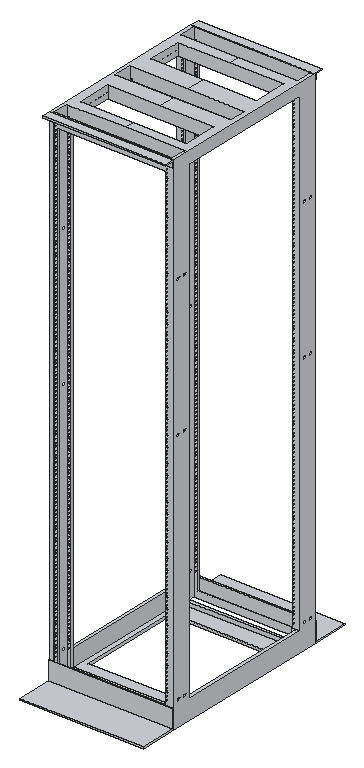
Revit family
Parameters
  Material ID = "760082529\r\n"
  Description = "29 IN (737 MM) D X 7FT (2134 MM) H - 19 IN (482.6 MM) AL EQUIPMENT RACK (45U) 12-24 TAPPED RAILS, BLACK\r\n"
Reference planes (in)
  plane 1 "Center (Front/Back)": y = 0
  plane 2: z = 0
  plane 3 "Center (Left/Right)": x = 0
Forms (in)
  Extrusion 1, solid, not visible
    sketch origin (0, -14.305, 0) x (1, 0, 0) y (0, 0, 1)
      loop
        line (-8.5516, 0.86) -> (-8.5516, 0.46) -> (-7.9516, 0.46) -> (-7.9516, 0.86) -> (-8.5516, 0.86)
    from 0 to 0.77696
  Extrusion 2, solid
    sketch origin (0, 0, 0) x (1, 0, 0) y (0, 0, 1)
      loop
        line (-10.175, 42) -> (-10.175, -42) -> (10.175, -42) -> (10.175, 42) -> (0, 42) -> (-10.175, 42)
    from 0 to 29
  Extrusion 3, void
    sketch origin (0, 0, 0) x (1, 0, 0) y (0, 0, 1)
      loop
        line (-8.905, 40.00772) -> (-8.905, -40.8) -> (8.905, -40.8) -> (8.905, 40.00772) -> (-8.905, 40.00772)
    from 0 to 36
  Extrusion 4, void
    sketch origin (0, 0, 0) x (0, 1, 0) y (0, 0, 1)
      loop
        line (-3, 40.00772) -> (-25.79784, 40.00772) -> (-25.79784, -38.785) -> (-3, -38.785) -> (-3, 40.00772)
    from -31.70377 to 17.99623
  Extrusion 5, void
    sketch origin (0, 0, 0) x (0, 1, 0) y (0, 0, 1)
      loop
        line (-0.2, 59.72052) -> (-2.8, 59.72052) -> (-2.8, -66.46573) -> (-0.2, -66.46573) -> (-0.2, 59.72052)
    from -9.61605 to 9.71756
  Extrusion 6, void
    sketch origin (0, -29, 0) x (0, -1, 0) y (0, 0, -1)
      loop
        line (-0.2, -59.72052) -> (-0.2, 63.44959) -> (-2.8, 63.44959) -> (-2.8, -59.72052) -> (-0.2, -59.72052)
    from -9.61605 to 9.71756
  Extrusion 7, solid
    sketch origin (0, 0, -12) x (0, 1, 0) y (0, 0, 1)
      loop
        line (-29, -29.985) -> (-29, -26.785) -> (-29.2, -26.785) -> (-29.2, -29.785) -> (-35.2, -29.785) -> (-35.2, -29.985) -> (-29, -29.985)
      loop
        line (-29, 54) -> (-30.575, 54) -> (-30.575, 53.8) -> (-29.2, 53.8) -> (-29.2, 52.94396) -> (-29, 52.94396) -> (-29, 54)
      loop
        line (0, 54) -> (0, 52.94396) -> (0.2, 52.94396) -> (0.2, 53.8) -> (1.575, 53.8) -> (1.575, 54) -> (0, 54)
      loop
        line (0, -30) -> (6.2, -30) -> (6.2, -29.8) -> (0.2, -29.8) -> (0.2, -26.8) -> (0, -26.8) -> (0, -30)
    from -10.155 to 10.155
  Extrusion 8, void
    sketch origin (0, 0, 0) x (1, 0, 0) y (0, 1, 0)
      loop
        line (8.81573, -4.65622) -> (-8.68427, -4.65622) -> (-8.68427, -10.15622) -> (8.81573, -10.15622) -> (8.81573, -4.65622)
      loop
        line (9.39397, -13.32974) -> (-9.60603, -13.32974) -> (-9.60603, -16.32974) -> (9.39397, -16.32974) -> (9.39397, -13.32974)
      loop
        line (8.81573, -19.04784) -> (-8.68427, -19.04784) -> (-8.68427, -24.54784) -> (8.81573, -24.54784) -> (8.81573, -19.04784)
    from 42.36078 to 16.10929
  Extrusion 9, void
    sketch origin (0, 0, 0) x (1, 0, 0) y (0, 1, 0)
      loop
        line (8.74608, -23) -> (8.74608, -5.96462) -> (-8.75392, -5.96462) -> (-8.75392, -23) -> (8.74608, -23)
    from -52.54303 to 38.86972
  Extrusion 10, void
    sketch origin (0, 0, 0) x (0, 1, 0) y (0, 0, 1)
      loop
        circle (-26.875, 24.12) r 0.335
      loop
        circle (-28.125, 24.12) r 0.335
      loop
        circle (-0.875, 24.12) r 0.335
      loop
        circle (-2.125, 24.12) r 0.335
      loop
        circle (-26.875, 1.12) r 0.335
      loop
        circle (-28.125, 1.12) r 0.335
      loop
        circle (-0.875, 1.12) r 0.335
      loop
        circle (-2.125, 1.12) r 0.335
      loop
        circle (-26.875, -37.88) r 0.335
      loop
        circle (-28.125, -37.88) r 0.335
      loop
        circle (-0.875, -37.88) r 0.335
      loop
        circle (-2.125, -37.88) r 0.335
    from -24.88707 to 25.18322
  Extrusion 11, void
    sketch origin (0, 0, 0) x (1, 0, 0) y (0, 1, 0)
      loop
        line (-9.68285, -25.79784) -> (9.56715, -25.79784) -> (9.56715, -3.2) -> (-9.68285, -3.2) -> (-9.68285, -25.79784)
    from -41.49635 to -29.49635
  Extrusion 12, void
    sketch origin (0, 0, -12.25) x (1, 0, 0) y (0, 0, 1)
      loop
        circle (-9.175, 52.515) r 0.089
      loop
        circle (-9.175, 51.89) r 0.089
      loop
        circle (-9.175, 51.265) r 0.089
      loop
        circle (9.175, 52.515) r 0.089
      loop
        circle (9.175, 51.89) r 0.089
      loop
        circle (9.175, 51.265) r 0.089
    from 0 to 36
  Extrusion 13, void
    sketch origin (0, 0, -14) x (1, 0, 0) y (0, 0, 1)
      loop
        circle (-9.175, 52.515) r 0.089
      loop
        circle (-9.175, 51.89) r 0.089
      loop
        circle (-9.175, 51.265) r 0.089
      loop
        circle (9.175, 52.515) r 0.089
      loop
        circle (9.175, 51.89) r 0.089
      loop
        circle (9.175, 51.265) r 0.089
    from 0 to 36
  Extrusion 14, void
    sketch origin (0, 0, -15.75) x (1, 0, 0) y (0, 0, 1)
      loop
        circle (-9.175, 52.515) r 0.089
      loop
        circle (-9.175, 51.89) r 0.089
      loop
        circle (-9.175, 51.265) r 0.089
      loop
        circle (9.175, 52.515) r 0.089
      loop
        circle (9.175, 51.89) r 0.089
      loop
        circle (9.175, 51.265) r 0.089
    from 0 to 36
  Extrusion 15, void
    sketch origin (0, 0, -17.5) x (1, 0, 0) y (0, 0, 1)
      loop
        circle (-9.175, 52.515) r 0.089
      loop
        circle (-9.175, 51.89) r 0.089
      loop
        circle (-9.175, 51.265) r 0.089
      loop
        circle (9.175, 52.515) r 0.089
      loop
        circle (9.175, 51.89) r 0.089
      loop
        circle (9.175, 51.265) r 0.089
    from 0 to 36
  Extrusion 16, void
    sketch origin (0, 0, -19.25) x (1, 0, 0) y (0, 0, 1)
      loop
        circle (-9.175, 52.515) r 0.089
      loop
        circle (-9.175, 51.89) r 0.089
      loop
        circle (-9.175, 51.265) r 0.089
      loop
        circle (9.175, 52.515) r 0.089
      loop
        circle (9.175, 51.89) r 0.089
      loop
        circle (9.175, 51.265) r 0.089
    from 0 to 36
  Extrusion 17, void
    sketch origin (0, 0, -21) x (1, 0, 0) y (0, 0, 1)
      loop
        circle (-9.175, 52.515) r 0.089
      loop
        circle (-9.175, 51.89) r 0.089
      loop
        circle (-9.175, 51.265) r 0.089
      loop
        circle (9.175, 52.515) r 0.089
      loop
        circle (9.175, 51.89) r 0.089
      loop
        circle (9.175, 51.265) r 0.089
    from 0 to 36
  Extrusion 18, void
    sketch origin (0, 0, -22.75) x (1, 0, 0) y (0, 0, 1)
      loop
        circle (-9.175, 52.515) r 0.089
      loop
        circle (-9.175, 51.89) r 0.089
      loop
        circle (-9.175, 51.265) r 0.089
      loop
        circle (9.175, 52.515) r 0.089
      loop
        circle (9.175, 51.89) r 0.089
      loop
        circle (9.175, 51.265) r 0.089
    from 0 to 36
  Extrusion 19, void
    sketch origin (0, 0, -24.5) x (1, 0, 0) y (0, 0, 1)
      loop
        circle (-9.175, 52.515) r 0.089
      loop
        circle (-9.175, 51.89) r 0.089
      loop
        circle (-9.175, 51.265) r 0.089
      loop
        circle (9.175, 52.515) r 0.089
      loop
        circle (9.175, 51.89) r 0.089
      loop
        circle (9.175, 51.265) r 0.089
    from 0 to 36
  Extrusion 20, void
    sketch origin (0, 0, -26.25) x (1, 0, 0) y (0, 0, 1)
      loop
        circle (-9.175, 52.515) r 0.089
      loop
        circle (-9.175, 51.89) r 0.089
      loop
        circle (-9.175, 51.265) r 0.089
      loop
        circle (9.175, 52.515) r 0.089
      loop
        circle (9.175, 51.89) r 0.089
      loop
        circle (9.175, 51.265) r 0.089
    from 0 to 36
  Extrusion 21, void
    sketch origin (0, 0, -28) x (1, 0, 0) y (0, 0, 1)
      loop
        circle (-9.175, 52.515) r 0.089
      loop
        circle (-9.175, 51.89) r 0.089
      loop
        circle (-9.175, 51.265) r 0.089
      loop
        circle (9.175, 52.515) r 0.089
      loop
        circle (9.175, 51.89) r 0.089
      loop
        circle (9.175, 51.265) r 0.089
    from 0 to 36
  Extrusion 22, void
    sketch origin (0, 0, -29.75) x (1, 0, 0) y (0, 0, 1)
      loop
        circle (-9.175, 52.515) r 0.089
      loop
        circle (-9.175, 51.89) r 0.089
      loop
        circle (-9.175, 51.265) r 0.089
      loop
        circle (9.175, 52.515) r 0.089
      loop
        circle (9.175, 51.89) r 0.089
      loop
        circle (9.175, 51.265) r 0.089
    from 0 to 36
  Extrusion 23, void
    sketch origin (0, 0, -31.5) x (1, 0, 0) y (0, 0, 1)
      loop
        circle (-9.175, 52.515) r 0.089
      loop
        circle (-9.175, 51.89) r 0.089
      loop
        circle (-9.175, 51.265) r 0.089
      loop
        circle (9.175, 52.515) r 0.089
      loop
        circle (9.175, 51.89) r 0.089
      loop
        circle (9.175, 51.265) r 0.089
    from 0 to 36
  Extrusion 24, void
    sketch origin (0, 0, -33.25) x (1, 0, 0) y (0, 0, 1)
      loop
        circle (-9.175, 52.515) r 0.089
      loop
        circle (-9.175, 51.89) r 0.089
      loop
        circle (-9.175, 51.265) r 0.089
      loop
        circle (9.175, 52.515) r 0.089
      loop
        circle (9.175, 51.89) r 0.089
      loop
        circle (9.175, 51.265) r 0.089
    from 0 to 36
  Extrusion 25, void
    sketch origin (0, 0, -35) x (1, 0, 0) y (0, 0, 1)
      loop
        circle (-9.175, 52.515) r 0.089
      loop
        circle (-9.175, 51.89) r 0.089
      loop
        circle (-9.175, 51.265) r 0.089
      loop
        circle (9.175, 52.515) r 0.089
      loop
        circle (9.175, 51.89) r 0.089
      loop
        circle (9.175, 51.265) r 0.089
    from 0 to 36
  Extrusion 26, void
    sketch origin (0, 0, -36.75) x (1, 0, 0) y (0, 0, 1)
      loop
        circle (-9.175, 52.515) r 0.089
      loop
        circle (-9.175, 51.89) r 0.089
      loop
        circle (-9.175, 51.265) r 0.089
      loop
        circle (9.175, 52.515) r 0.089
      loop
        circle (9.175, 51.89) r 0.089
      loop
        circle (9.175, 51.265) r 0.089
    from 0 to 36
  Extrusion 27, void
    sketch origin (0, 0, -38.5) x (1, 0, 0) y (0, 0, 1)
      loop
        circle (-9.175, 52.515) r 0.089
      loop
        circle (-9.175, 51.89) r 0.089
      loop
        circle (-9.175, 51.265) r 0.089
      loop
        circle (9.175, 52.515) r 0.089
      loop
        circle (9.175, 51.89) r 0.089
      loop
        circle (9.175, 51.265) r 0.089
    from 0 to 36
  Extrusion 28, void
    sketch origin (0, 0, -40.25) x (1, 0, 0) y (0, 0, 1)
      loop
        circle (-9.175, 52.515) r 0.089
      loop
        circle (-9.175, 51.89) r 0.089
      loop
        circle (-9.175, 51.265) r 0.089
      loop
        circle (9.175, 52.515) r 0.089
      loop
        circle (9.175, 51.89) r 0.089
      loop
        circle (9.175, 51.265) r 0.089
    from 0 to 36
  Extrusion 29, void
    sketch origin (0, 0, -42) x (1, 0, 0) y (0, 0, 1)
      loop
        circle (-9.175, 52.515) r 0.089
      loop
        circle (-9.175, 51.89) r 0.089
      loop
        circle (-9.175, 51.265) r 0.089
      loop
        circle (9.175, 52.515) r 0.089
      loop
        circle (9.175, 51.89) r 0.089
      loop
        circle (9.175, 51.265) r 0.089
    from 0 to 36
  Extrusion 30, void
    sketch origin (0, 0, -43.75) x (1, 0, 0) y (0, 0, 1)
      loop
        circle (-9.175, 52.515) r 0.089
      loop
        circle (-9.175, 51.89) r 0.089
      loop
        circle (-9.175, 51.265) r 0.089
      loop
        circle (9.175, 52.515) r 0.089
      loop
        circle (9.175, 51.89) r 0.089
      loop
        circle (9.175, 51.265) r 0.089
    from 0 to 36
  Extrusion 31, void
    sketch origin (0, 0, -45.5) x (1, 0, 0) y (0, 0, 1)
      loop
        circle (-9.175, 52.515) r 0.089
      loop
        circle (-9.175, 51.89) r 0.089
      loop
        circle (-9.175, 51.265) r 0.089
      loop
        circle (9.175, 52.515) r 0.089
      loop
        circle (9.175, 51.89) r 0.089
      loop
        circle (9.175, 51.265) r 0.089
    from 0 to 36
  Extrusion 32, void
    sketch origin (0, 0, -47.25) x (1, 0, 0) y (0, 0, 1)
      loop
        circle (-9.175, 52.515) r 0.089
      loop
        circle (-9.175, 51.89) r 0.089
      loop
        circle (-9.175, 51.265) r 0.089
      loop
        circle (9.175, 52.515) r 0.089
      loop
        circle (9.175, 51.89) r 0.089
      loop
        circle (9.175, 51.265) r 0.089
    from 0 to 36
  Extrusion 33, void
    sketch origin (0, 0, -49) x (1, 0, 0) y (0, 0, 1)
      loop
        circle (-9.175, 52.515) r 0.089
      loop
        circle (-9.175, 51.89) r 0.089
      loop
        circle (-9.175, 51.265) r 0.089
      loop
        circle (9.175, 52.515) r 0.089
      loop
        circle (9.175, 51.89) r 0.089
      loop
        circle (9.175, 51.265) r 0.089
    from 0 to 36
  Extrusion 34, void
    sketch origin (0, 0, -50.75) x (1, 0, 0) y (0, 0, 1)
      loop
        circle (-9.175, 52.515) r 0.089
      loop
        circle (-9.175, 51.89) r 0.089
      loop
        circle (-9.175, 51.265) r 0.089
      loop
        circle (9.175, 52.515) r 0.089
      loop
        circle (9.175, 51.89) r 0.089
      loop
        circle (9.175, 51.265) r 0.089
    from 0 to 36
  Extrusion 35, void
    sketch origin (0, 0, -52.5) x (1, 0, 0) y (0, 0, 1)
      loop
        circle (-9.175, 52.515) r 0.089
      loop
        circle (-9.175, 51.89) r 0.089
      loop
        circle (-9.175, 51.265) r 0.089
      loop
        circle (9.175, 52.515) r 0.089
      loop
        circle (9.175, 51.89) r 0.089
      loop
        circle (9.175, 51.265) r 0.089
    from 0 to 36
  Extrusion 36, void
    sketch origin (0, 0, -54.25) x (1, 0, 0) y (0, 0, 1)
      loop
        circle (-9.175, 52.515) r 0.089
      loop
        circle (-9.175, 51.89) r 0.089
      loop
        circle (-9.175, 51.265) r 0.089
      loop
        circle (9.175, 52.515) r 0.089
      loop
        circle (9.175, 51.89) r 0.089
      loop
        circle (9.175, 51.265) r 0.089
    from 0 to 36
  Extrusion 37, void
    sketch origin (0, 0, -56) x (1, 0, 0) y (0, 0, 1)
      loop
        circle (-9.175, 52.515) r 0.089
      loop
        circle (-9.175, 51.89) r 0.089
      loop
        circle (-9.175, 51.265) r 0.089
      loop
        circle (9.175, 52.515) r 0.089
      loop
        circle (9.175, 51.89) r 0.089
      loop
        circle (9.175, 51.265) r 0.089
    from 0 to 36
  Extrusion 38, void
    sketch origin (0, 0, -57.75) x (1, 0, 0) y (0, 0, 1)
      loop
        circle (-9.175, 52.515) r 0.089
      loop
        circle (-9.175, 51.89) r 0.089
      loop
        circle (-9.175, 51.265) r 0.089
      loop
        circle (9.175, 52.515) r 0.089
      loop
        circle (9.175, 51.89) r 0.089
      loop
        circle (9.175, 51.265) r 0.089
    from 0 to 36
  Extrusion 39, void
    sketch origin (0, 0, -59.5) x (1, 0, 0) y (0, 0, 1)
      loop
        circle (-9.175, 52.515) r 0.089
      loop
        circle (-9.175, 51.89) r 0.089
      loop
        circle (-9.175, 51.265) r 0.089
      loop
        circle (9.175, 52.515) r 0.089
      loop
        circle (9.175, 51.89) r 0.089
      loop
        circle (9.175, 51.265) r 0.089
    from 0 to 36
  Extrusion 40, void
    sketch origin (0, 0, -61.25) x (1, 0, 0) y (0, 0, 1)
      loop
        circle (-9.175, 52.515) r 0.089
      loop
        circle (-9.175, 51.89) r 0.089
      loop
        circle (-9.175, 51.265) r 0.089
      loop
        circle (9.175, 52.515) r 0.089
      loop
        circle (9.175, 51.89) r 0.089
      loop
        circle (9.175, 51.265) r 0.089
    from 0 to 36
  Extrusion 41, void
    sketch origin (0, 0, -63) x (1, 0, 0) y (0, 0, 1)
      loop
        circle (-9.175, 52.515) r 0.089
      loop
        circle (-9.175, 51.89) r 0.089
      loop
        circle (-9.175, 51.265) r 0.089
      loop
        circle (9.175, 52.515) r 0.089
      loop
        circle (9.175, 51.89) r 0.089
      loop
        circle (9.175, 51.265) r 0.089
    from 0 to 36
  Extrusion 42, void
    sketch origin (0, 0, -64.75) x (1, 0, 0) y (0, 0, 1)
      loop
        circle (-9.175, 52.515) r 0.089
      loop
        circle (-9.175, 51.89) r 0.089
      loop
        circle (-9.175, 51.265) r 0.089
      loop
        circle (9.175, 52.515) r 0.089
      loop
        circle (9.175, 51.89) r 0.089
      loop
        circle (9.175, 51.265) r 0.089
    from 0 to 36
  Extrusion 43, void
    sketch origin (0, 0, -66.5) x (1, 0, 0) y (0, 0, 1)
      loop
        circle (-9.175, 52.515) r 0.089
      loop
        circle (-9.175, 51.89) r 0.089
      loop
        circle (-9.175, 51.265) r 0.089
      loop
        circle (9.175, 52.515) r 0.089
      loop
        circle (9.175, 51.89) r 0.089
      loop
        circle (9.175, 51.265) r 0.089
    from 0 to 36
  Extrusion 44, void
    sketch origin (0, 0, -68.25) x (1, 0, 0) y (0, 0, 1)
      loop
        circle (-9.175, 52.515) r 0.089
      loop
        circle (-9.175, 51.89) r 0.089
      loop
        circle (-9.175, 51.265) r 0.089
      loop
        circle (9.175, 52.515) r 0.089
      loop
        circle (9.175, 51.89) r 0.089
      loop
        circle (9.175, 51.265) r 0.089
    from 0 to 36
  Extrusion 45, void
    sketch origin (0, 0, -70) x (1, 0, 0) y (0, 0, 1)
      loop
        circle (-9.175, 52.515) r 0.089
      loop
        circle (-9.175, 51.89) r 0.089
      loop
        circle (-9.175, 51.265) r 0.089
      loop
        circle (9.175, 52.515) r 0.089
      loop
        circle (9.175, 51.89) r 0.089
      loop
        circle (9.175, 51.265) r 0.089
    from 0 to 36
  Extrusion 46, void
    sketch origin (0, 0, -71.75) x (1, 0, 0) y (0, 0, 1)
      loop
        circle (-9.175, 52.515) r 0.089
      loop
        circle (-9.175, 51.89) r 0.089
      loop
        circle (-9.175, 51.265) r 0.089
      loop
        circle (9.175, 52.515) r 0.089
      loop
        circle (9.175, 51.89) r 0.089
      loop
        circle (9.175, 51.265) r 0.089
    from 0 to 36
  Extrusion 47, void
    sketch origin (0, 0, -73.5) x (1, 0, 0) y (0, 0, 1)
      loop
        circle (-9.175, 52.515) r 0.089
      loop
        circle (-9.175, 51.89) r 0.089
      loop
        circle (-9.175, 51.265) r 0.089
      loop
        circle (9.175, 52.515) r 0.089
      loop
        circle (9.175, 51.89) r 0.089
      loop
        circle (9.175, 51.265) r 0.089
    from 0 to 36
  Extrusion 48, void
    sketch origin (0, 0, -75.25) x (1, 0, 0) y (0, 0, 1)
      loop
        circle (-9.175, 52.515) r 0.089
      loop
        circle (-9.175, 51.89) r 0.089
      loop
        circle (-9.175, 51.265) r 0.089
      loop
        circle (9.175, 52.515) r 0.089
      loop
        circle (9.175, 51.89) r 0.089
      loop
        circle (9.175, 51.265) r 0.089
    from 0 to 36
  Extrusion 49, void
    sketch origin (0, 0, -77) x (1, 0, 0) y (0, 0, 1)
      loop
        circle (-9.175, 52.515) r 0.089
      loop
        circle (-9.175, 51.89) r 0.089
      loop
        circle (-9.175, 51.265) r 0.089
      loop
        circle (9.175, 52.515) r 0.089
      loop
        circle (9.175, 51.89) r 0.089
      loop
        circle (9.175, 51.265) r 0.089
    from 0 to 36
  Extrusion 50, void
    sketch origin (0, 0, -78.75) x (1, 0, 0) y (0, 0, 1)
      loop
        circle (-9.175, 52.515) r 0.089
      loop
        circle (-9.175, 51.89) r 0.089
      loop
        circle (-9.175, 51.265) r 0.089
      loop
        circle (9.175, 52.515) r 0.089
      loop
        circle (9.175, 51.89) r 0.089
      loop
        circle (9.175, 51.265) r 0.089
    from 0 to 36
  Extrusion 51, void
    sketch origin (0, 0, -80.5) x (1, 0, 0) y (0, 0, 1)
      loop
        circle (-9.175, 52.515) r 0.089
      loop
        circle (-9.175, 51.89) r 0.089
      loop
        circle (-9.175, 51.265) r 0.089
      loop
        circle (9.175, 52.515) r 0.089
      loop
        circle (9.175, 51.89) r 0.089
      loop
        circle (9.175, 51.265) r 0.089
    from 0 to 36
  Extrusion 52, void
    sketch origin (0, 0, -82.25) x (1, 0, 0) y (0, 0, 1)
      loop
        circle (-9.175, 52.515) r 0.089
      loop
        circle (-9.175, 51.89) r 0.089
      loop
        circle (-9.175, 51.265) r 0.089
      loop
        circle (9.175, 52.515) r 0.089
      loop
        circle (9.175, 51.89) r 0.089
      loop
        circle (9.175, 51.265) r 0.089
    from 0 to 36
  Extrusion 53, void
    sketch origin (0, 0, -84) x (1, 0, 0) y (0, 0, 1)
      loop
        circle (-9.175, 52.515) r 0.089
      loop
        circle (-9.175, 51.89) r 0.089
      loop
        circle (-9.175, 51.265) r 0.089
      loop
        circle (9.175, 52.515) r 0.089
      loop
        circle (9.175, 51.89) r 0.089
      loop
        circle (9.175, 51.265) r 0.089
    from 0 to 36
  Extrusion 54, void
    sketch origin (0, 0, -85.75) x (1, 0, 0) y (0, 0, 1)
      loop
        circle (-9.175, 52.515) r 0.089
      loop
        circle (-9.175, 51.89) r 0.089
      loop
        circle (-9.175, 51.265) r 0.089
      loop
        circle (9.175, 52.515) r 0.089
      loop
        circle (9.175, 51.89) r 0.089
      loop
        circle (9.175, 51.265) r 0.089
    from 0 to 36
  Extrusion 55, void
    sketch origin (0, 0, -87.5) x (1, 0, 0) y (0, 0, 1)
      loop
        circle (-9.175, 52.515) r 0.089
      loop
        circle (-9.175, 51.89) r 0.089
      loop
        circle (-9.175, 51.265) r 0.089
      loop
        circle (9.175, 52.515) r 0.089
      loop
        circle (9.175, 51.89) r 0.089
      loop
        circle (9.175, 51.265) r 0.089
    from 0 to 36
  Extrusion 56, void
    sketch origin (0, 0, -89.25) x (1, 0, 0) y (0, 0, 1)
      loop
        circle (-9.175, 52.515) r 0.089
      loop
        circle (-9.175, 51.89) r 0.089
      loop
        circle (-9.175, 51.265) r 0.089
      loop
        circle (9.175, 52.515) r 0.089
      loop
        circle (9.175, 51.89) r 0.089
      loop
        circle (9.175, 51.265) r 0.089
    from 0 to 36
Cuts and joins
  Extrusion 3, Extrusion 4, Extrusion 5, Extrusion 6, Extrusion 8, Extrusion 9, Extrusion 10, Extrusion 11, Extrusion 12, Extrusion 13, Extrusion 14, Extrusion 15, Extrusion 16, Extrusion 17, Extrusion 18, Extrusion 19, Extrusion 20, Extrusion 21, Extrusion 22, Extrusion 23, Extrusion 24, Extrusion 25, Extrusion 26, Extrusion 27, Extrusion 28, Extrusion 29, Extrusion 30, Extrusion 31, Extrusion 32, Extrusion 33, Extrusion 34, Extrusion 35, Extrusion 36, Extrusion 37, Extrusion 38, Extrusion 39, Extrusion 40, Extrusion 41, Extrusion 42, Extrusion 43, Extrusion 44, Extrusion 45, Extrusion 46, Extrusion 47, Extrusion 48, Extrusion 49, Extrusion 50, Extrusion 51, Extrusion 52, Extrusion 53, Extrusion 54, Extrusion 55, Extrusion 56 cuts Extrusion 2
  Extrusion 8, Extrusion 9, Extrusion 10, Extrusion 11, Extrusion 12, Extrusion 13, Extrusion 14, Extrusion 15, Extrusion 16, Extrusion 17, Extrusion 18, Extrusion 19, Extrusion 20, Extrusion 21, Extrusion 22, Extrusion 23, Extrusion 24, Extrusion 25, Extrusion 26, Extrusion 27, Extrusion 28, Extrusion 29, Extrusion 30, Extrusion 31, Extrusion 32, Extrusion 33, Extrusion 34, Extrusion 35, Extrusion 36, Extrusion 37, Extrusion 38, Extrusion 39, Extrusion 40, Extrusion 41, Extrusion 42, Extrusion 43, Extrusion 44, Extrusion 45, Extrusion 46, Extrusion 47, Extrusion 48, Extrusion 49, Extrusion 50, Extrusion 51, Extrusion 52, Extrusion 53, Extrusion 54, Extrusion 55, Extrusion 56 cuts Extrusion 7
